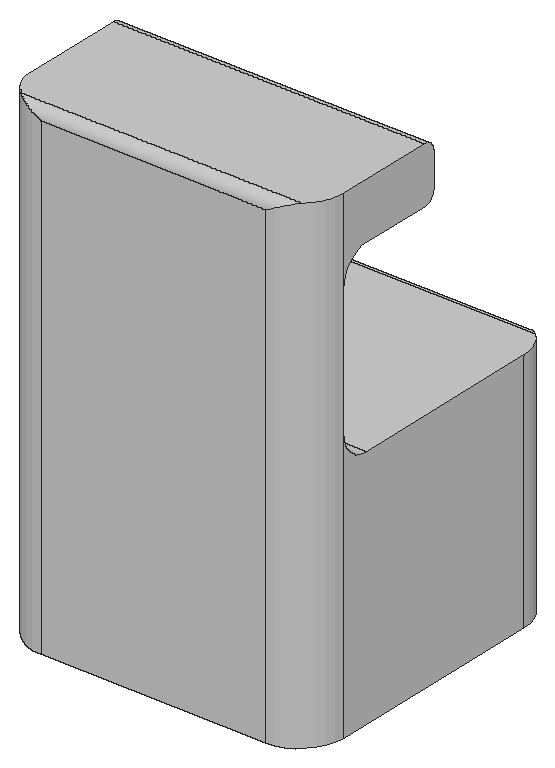
Revit family "Bathroom_Accessory-Commercial-Moen-90_Degree-Single_Robe_Hook-YB8803CH", category Specialty Equipment, host Face, Revit 2015
Parameters (values of type "YB8803CH")
  Width = 0' - 1 97/256"  # constant formula
  URL = "http://pro.moen.com/"
  Product data url = "https://bimobject.com/moenaccessories/product/moen-2003"
  Product Page URL = "http://pro.moen.com/90-degree/chrome-single-robe-hook/_/R-TPORTAL-ALL%3AYB8803CH?next=SiteSearch.Image"
  Product Documentation Link = "http://pro.moen.com/shared/docs/product-specifications/yb8803sp.pdf"
  Model = "YB8803CH"  # constant formula
  Material = ""
  Manufacturer = "Moen Commercial"  # constant formula
  Length = 0' - 1 97/256"  # constant formula
  Finish = Metal - Moen - Chrome
  Description = "Robe Hook"  # constant formula
  Depth = 0' - 2 21/128"  # constant formula
  Default Elevation = 4' - 0"
  Assembly Code = "D2010"
Reference planes (in)
  plane 1 "Center (Front/Back)": y = 0
  plane 2: z = 0
  plane 3 "Center (Left/Right)": x = 0
  plane 4 "Left": x = -0.68945
  plane 5 "Right": x = 0.68945
  plane 6 "Top": y = 0.68945
  plane 7 "Bottom": y = -0.68945
  plane 8 "Front": z = 2.16406
  plane 9: z = 1.08203
  plane 10: z = 1.91406
  plane 11: y = -0.5
Forms (in)
  Extrusion 1, solid, material "Metal - Moen - Chrome" <- "Finish"
    sketch origin (0, 0, 0) x (1, 0, 0) y (0, 1, 0)
      loop
        line (-0.68945, 0.5) -> (-0.68945, -0.5)
        arc (-0.68945, -0.5) -> (-0.63396, -0.63396) -> (-0.5, -0.68945) r 0.18945
        line (-0.5, -0.68945) -> (0.5, -0.68945)
        arc (0.5, -0.68945) -> (0.63396, -0.63396) -> (0.68945, -0.5) r 0.18945
        line (0.68945, -0.5) -> (0.68945, 0.5)
        arc (0.68945, 0.5) -> (0.63396, 0.63396) -> (0.5, 0.68945) r 0.18945
        line (0.5, 0.68945) -> (-0.5, 0.68945)
        arc (-0.5, 0.68945) -> (-0.63396, 0.63396) -> (-0.68945, 0.5) r 0.18945
    from 0 to 2.16406
  Extrusion 2, void
    sketch origin (0, 0, 0) x (0, 1, 0) y (0, 0, 1)
      loop
        line (-0.04809, 1.91406) -> (-0.36875, 1.91406)
        arc (-0.36875, 1.91406) -> (-0.46156, 1.87562) -> (-0.5, 1.78281) r 0.13125
        line (-0.5, 1.78281) -> (-0.5, 1.21328)
        arc (-0.5, 1.21328) -> (-0.46156, 1.12047) -> (-0.36875, 1.08203) r 0.13125
        line (-0.36875, 1.08203) -> (0.64136, 1.08203)
        arc (0.64136, 1.08203) -> (0.67537, 1.06794) -> (0.68945, 1.03394) r 0.04809
        line (0.68945, 1.03394) -> (0.72335, 1.03394) -> (0.72335, 2.20979) -> (-0.73815, 2.20979) -> (-0.73815, 2.11597) -> (-0.68945, 2.11597)
        arc (-0.68945, 2.11597) -> (-0.67537, 2.14998) -> (-0.64136, 2.16406) r 0.04809
        line (-0.64136, 2.16406) -> (-0.04809, 2.16406)
        arc (-0.04809, 2.16406) -> (-0.01409, 2.14998) -> (0, 2.11597) r 0.04809
        line (0, 2.11597) -> (0, 1.96216)
        arc (0, 1.96216) -> (-0.01409, 1.92815) -> (-0.04809, 1.91406) r 0.04809
    from -0.68945 to 0.68945
Cuts and joins
  Extrusion 2 cuts Extrusion 1
Lines and regions (in)
  Masking region 1
    outline origin (0, 0, 0) x (1, 0, 0) y (0, 0, 1)
      loop
        line (0.68945, 2.16406) -> (-0.68945, 2.16406) -> (-0.68945, 0) -> (0.68945, 0) -> (0.68945, 2.16406)
  symbolic lines, detail levels medium+fine
    curve 1: line (0.68945, 0, 1.91406) -> (-0.68945, 0, 1.91406)
    curve 2: line (0.68945, 0, 1.08203) -> (-0.68945, 0, 1.08203)
Dimensions and locks (in)
  locked: plane 4 "Left" to plane 5 "Right" at 1.37891
  equal spacing: plane 4 "Left", plane 3 "Center (Left/Right)", plane 5 "Right"
  equal spacing: plane 6 "Top", plane 1 "Center (Front/Back)", plane 7 "Bottom"
  locked: plane 6 "Top" to plane 7 "Bottom" at 1.37891
  locked: plane 8 "Front" to level at 2.16406
  equal spacing: plane 8 "Front", plane 9, level
  locked: plane 8 "Front" to plane 10 at 0.25
  Extrusion 1 sketch curve to Extrusion 1 sketch curve to Extrusion 1 sketch curve to plane 3 "Center (Left/Right)" to Extrusion 1 sketch curve to Extrusion 1 sketch curve to Extrusion 1 sketch curve = 0' - 0.18945" locked, 0' - 0" locked, 0' - 0 1/2" locked, 0' - 0 1/2" locked, 0' - 0" locked, 0' - 0.18945" locked
  Extrusion 1 sketch curve to Extrusion 1 sketch curve to Extrusion 1 sketch curve to plane 1 "Center (Front/Back)" to Extrusion 1 sketch curve to Extrusion 1 sketch curve to Extrusion 1 sketch curve = 0' - 0.18945" locked, 0' - 0" locked, 0' - 0 1/2" locked, 0' - 0 1/2" locked, 0' - 0" locked, 0' - 0.18945" locked
  Extrusion 2 sketch curve to Extrusion 2 sketch curve to Extrusion 2 sketch curve to Extrusion 2 sketch curve to Extrusion 2 sketch curve to Extrusion 2 sketch curve to Extrusion 2 sketch curve to Extrusion 2 sketch curve to Extrusion 2 sketch curve to plane 1 "Center (Front/Back)" to Extrusion 2 sketch curve to Extrusion 2 sketch curve to Extrusion 2 sketch curve to Extrusion 2 sketch curve to Extrusion 2 sketch curve = 0' - 0" locked, 0' - 0.0487" locked, 0' - 0.04809" locked, 0' - 0.14136" locked, 0' - 0.13125" locked, 0' - 0" locked, 0' - 0.32066" locked, 0' - 0" locked, 0' - 0.04809" locked, 0' - 0" locked, 0' - 0.64136" locked, 0' - 0.04809" locked, 0' - 0.03389" locked, 0' - 0" locked
  Extrusion 2 sketch curve to Extrusion 2 sketch curve to Extrusion 2 sketch curve to Extrusion 2 sketch curve to Extrusion 2 sketch curve to Extrusion 2 sketch curve to Extrusion 2 sketch curve to Extrusion 2 sketch curve to Extrusion 2 sketch curve to Extrusion 2 sketch curve to level = 0' - 0.04573" locked, 0' - 0.04809" locked, 0' - 0" locked, 0' - 0.15381" locked, 0' - 0.04809" locked, 0' - 0.13125" locked, 0' - 0.56953" locked, 0' - 0.13125" locked, 0' - 0.04809" locked, 0' - 1.03394" locked
  aligned and locked: plane 2 to host face
  aligned and locked: level to host face
  aligned and locked: plane 8 "Front" to Extrusion 1
  aligned and locked: plane 10 to Extrusion 2 sketch curve
  aligned and locked: Extrusion 2 sketch curve to plane 9
  aligned and locked: plane 11 to Extrusion 2 sketch curve
  aligned and locked: plane 5 "Right" to Extrusion 2
  aligned and locked: Extrusion 2 to plane 4 "Left"
